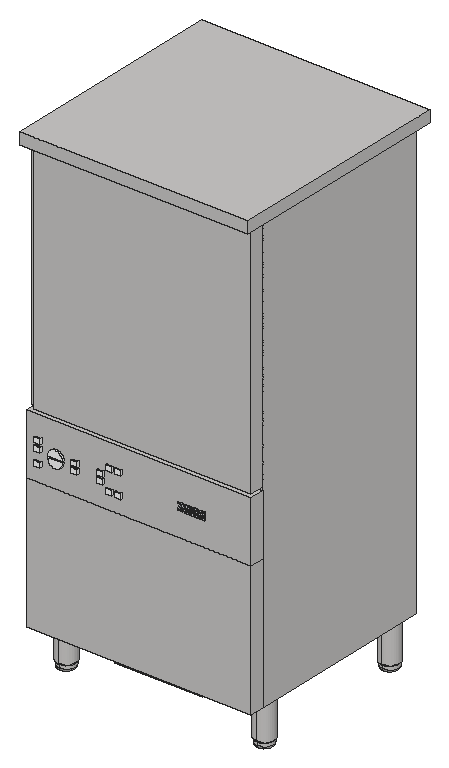
Revit family "QF_ELECTROLUXPROFESSIONAL_727895_RBF101", category Specialty Equipment, Revit 2018
Family settings
  Round Connector Dimension = Use Diameter
  Part Type = Normal
  Work Plane-Based = No
  Always vertical = Yes
  Cut with Voids When Loaded = No
  Shared = No
  Room Calculation Point = No
Parameters (values of type "Standard")
  Weight = 308.647 lbm
  Watts = 0 W
  Volts = 380 V
  URL Manufacturer = "http://professional.electrolux.com"
  URL = "http://professional.electrolux.com"
  Steam Supply Size = 0"
  Steam Supply Minimum Pressure = 0.00 psi
  Steam Supply Maximum Pressure = 0.00 psi
  Steam Pounds per Hour = 0
  Show Clearance [instance] = yes
  Refrigeration Suction Line Size = 0 mm
  Refrigeration Liquid Line Size = 0 mm
  Refrigerant Compressor Remote = yes
  Phase = 3
  Model = "RBF101"
  Manufacturer = "Electrolux Professional"
  Length Actual = 760 mm  # constant formula
  Item Number = "727895"
  Hot Water Size = 0"
  Height Actual = 1640 mm  # constant formula
  HP = "3.9 HP"
  Gas Size = 0"
  Gas KW = 0
  Gas Input Pressure = 0.0 Btu/h
  Direct Waste Size = 0"
  Description = "BLAST CHILLER/FREEZER 32/28KG 10GN1/1-R452A"
  Depth Actual = 760 mm  # constant formula
  Cycle = 50 Hz
  Condensate Return Size = 0"
  Compressed Air Volume = 0 GPM
  Compressed Air Size = 0"
  Compressed Air Pressure = 0.00 psi
  Cold Water Size = 0"
  Accessory = yes
Reference planes
  plane 1 "BACK": y = 0
  plane 2: z = 0
  plane 3 "LEFT": x = 0
  plane 4 "RIGHT": x = 760
  plane 5 "FRONT": y = -760
  plane 6 "TOP": z = 1640
  plane 7 "Center Y": x = 380
  plane 8 "Center X": y = -380
  plane 9: x = 49
  plane 10: x = 711
  plane 11: z = 150
  plane 12: z = 86
  plane 13: y = -50
  plane 14: y = -760
  plane 15: y = -689
  plane 16: y = -435
  plane 17: y = -1450
Forms (mm)
  Extrusion 1, solid, material "QF_Metal - Stainless - Polished"
    sketch origin (0, 0, 0) x (1, 0, 0) y (0, 0, 1)
      loop
        line (6.35, 1600) -> (6.35, 150) -> (753.65, 150) -> (753.65, 1600) -> (6.35, 1600)
    from 50 to 689
  Revolve 2, solid, material "QF_Metal - Stainless - Polished"
    sketch origin (49, -14.833, 0) x (0, 1, 0) y (0, 0, 1)
      loop
        line (-650.954, 150) -> (-650.954, 145.008) -> (-645.28, 145.008) -> (-645.28, 21.074) -> (-641.767, 17.561) -> (-641.767, 6.021)
        arc (-641.767, 6.021) -> (-640.973, 2.655) -> (-638.757, 0) r 7.527
        line (-638.757, 0) -> (-613.167, 0) -> (-613.167, 150) -> (-650.954, 150)
      axis (-613.167, 0) -> (-613.167, 150)
    angle from 0 to 360
  Revolve 3, solid, material "QF_Metal - Stainless - Polished"
    sketch origin (49, -791.167, 0) x (0, -1, 0) y (0, 0, 1)
      loop
        line (-724.954, 150) -> (-724.954, 145.008) -> (-719.28, 145.008) -> (-719.28, 21.074) -> (-715.767, 17.561) -> (-715.767, 6.021)
        arc (-715.767, 6.021) -> (-714.973, 2.655) -> (-712.757, 0) r 7.527
        line (-712.757, 0) -> (-687.167, 0) -> (-687.167, 150) -> (-724.954, 150)
      axis (-687.167, 0) -> (-687.167, 150)
    angle from 0 to 360
  Extrusion 4, solid, material "QF_Metal - Stainless - Polished"
    sketch origin (1.039, 0, 0) x (1, 0, 0) y (0, 0, 1)
      loop
        line (200.815, 150) -> (200.815, 120.527) -> (558.815, 120.527) -> (558.815, 150) -> (552.415, 150) -> (552.415, 126.927) -> (207.215, 126.927) -> (207.215, 150) -> (200.815, 150)
    from 218.729 to 655.055
  Extrusion 5, solid, material "QF_Metal - Stainless - Polished"
    sketch origin (1.039, 0, 0) x (1, 0, 0) y (0, 0, 1)
      loop
        line (238.429, 120.527) -> (232.029, 120.527) -> (232.029, 86) -> (524.894, 86) -> (524.894, 120.527) -> (518.494, 120.527) -> (518.494, 95.527) -> (238.429, 95.527) -> (238.429, 120.527)
    from 333.038 to 655.055
  Extrusion 6, solid, material "QF_Metal - Stainless - Polished"
    sketch origin (0, -130, 0) x (1, 0, 0) y (0, 1, 0)
      loop
        circle (380, -305) r 20
    from 138.473 to 150
  Revolve 7, solid, material "QF_Metal - Stainless - Polished"
    sketch origin (711, -14.833, 0) x (0, 1, 0) y (0, 0, -1)
      loop
        line (-650.954, -150) -> (-613.167, -150) -> (-613.167, 0) -> (-638.757, 0)
        arc (-638.757, 0) -> (-640.973, -2.655) -> (-641.767, -6.021) r 7.527
        line (-641.767, -6.021) -> (-641.767, -17.561) -> (-645.28, -21.074) -> (-645.28, -145.008) -> (-650.954, -145.008) -> (-650.954, -150)
      axis (-613.167, 0) -> (-613.167, -150)
    angle from 0 to 360
  Revolve 8, solid, material "QF_Metal - Stainless - Polished"
    sketch origin (711, -791.167, 0) x (0, -1, 0) y (0, 0, 1)
      loop
        line (-724.954, 150) -> (-724.954, 145.008) -> (-719.28, 145.008) -> (-719.28, 21.074) -> (-715.767, 17.561) -> (-715.767, 6.021)
        arc (-715.767, 6.021) -> (-714.973, 2.655) -> (-712.757, 0) r 7.527
        line (-712.757, 0) -> (-687.167, 0) -> (-687.167, 150) -> (-724.954, 150)
      axis (-687.167, 0) -> (-687.167, 150)
    angle from 0 to 360
  Extrusion 9, solid, material "QF_Metal - Stainless - Polished"
    sketch origin (0, -50, -1260) x (1, 0, 0) y (0, 0, 1)
      loop
        circle (380, 1447.083) r 20
    from -7.507 to 0
  Extrusion 10, solid, material "QF_Door-Drawer Clearances", visible <- "Show Clearance", detail levels coarse
    sketch origin (0, 0, 0) x (1, 0, 0) y (0, 1, 0)
      loop
        line (753.65, -739) -> (6.35, -739)
        arc (6.35, -739) -> (231.171, -1250.927) -> (753.65, -1450) r 723.927
        line (753.65, -1450) -> (753.65, -739)
    from 810.198 to 1600
  Extrusion 11, solid, material "QF_Metal - Stainless - Polished"
    sketch origin (0, 0, 1600) x (1, 0, 0) y (0, 1, 0)
      loop
        line (0, 0) -> (0, -760) -> (760, -760) -> (760, 0) -> (0, 0)
    from 0 to 40
  Extrusion 12, solid, material "QF_Metal - Stainless - Polished"
    sketch origin (0, 0, 0) x (1, 0, 0) y (0, 1, 0)
      loop
        line (753.65, -689) -> (5.35, -689) -> (5.35, -714)
        arc (5.35, -714) -> (12.85, -721.5) -> (20.35, -714) r 7.5
        line (20.35, -714) -> (20.35, -712.023)
        arc (20.35, -712.023) -> (22.7, -706.35) -> (28.373, -704) r 8.023
        line (28.373, -704) -> (49, -704)
        arc (49, -704) -> (57.125, -712.125) -> (49, -720.25) r 8.125
        line (49, -720.25) -> (42.056, -720.25)
        arc (42.056, -720.25) -> (32.824, -724.074) -> (29, -733.306) r 13.056
        line (29, -733.306) -> (29, -739) -> (753.65, -739) -> (753.65, -689)
    from 810.198 to 1600
  Extrusion 13, solid, material "QF_Metal - Stainless - Polished"
    sketch origin (0, 74.472, -170.772) x (1, 0, 0) y (0, 0, 1)
      loop
        line (6.35, 970) -> (6.35, 766.772) -> (753.65, 766.772) -> (753.65, 970) -> (6.35, 970)
    from 763.472 to 813.472
  Extrusion 14, solid, material "QF_Plastic - White - Smooth"
    sketch origin (-40, -739, 114.139) x (1, 0, 0) y (0, 0, 1)
      loop
        line (74.078, 617.851) -> (74.078, 601.601) -> (94.078, 601.601) -> (94.078, 617.851) -> (74.078, 617.851)
      loop
        line (74.078, 547.851) -> (74.078, 531.601) -> (94.078, 531.601) -> (94.078, 547.851) -> (74.078, 547.851)
      loop
        line (74.078, 592.851) -> (74.078, 576.601) -> (94.078, 576.601) -> (94.078, 592.851) -> (74.078, 592.851)
      loop
        line (119.078, 576.601) -> (169.078, 576.601)
        arc (169.078, 576.601) -> (144.078, 601.601) -> (119.078, 576.601) r 25
      loop
        arc (119.078, 571.601) -> (144.078, 546.601) -> (169.078, 571.601) r 25
        line (169.078, 571.601) -> (119.078, 571.601)
      loop
        line (197.715, 592.851) -> (197.715, 576.601) -> (217.715, 576.601) -> (217.715, 592.851) -> (197.715, 592.851)
      loop
        line (197.715, 570.081) -> (197.715, 553.831) -> (217.715, 553.831) -> (217.715, 570.081) -> (197.715, 570.081)
      loop
        line (282.715, 592.851) -> (282.715, 576.601) -> (302.715, 576.601) -> (302.715, 592.851) -> (282.715, 592.851)
      loop
        line (282.715, 570.081) -> (282.715, 553.831) -> (302.715, 553.831) -> (302.715, 570.081) -> (282.715, 570.081)
      loop
        line (313.587, 617.851) -> (313.587, 601.601) -> (333.587, 601.601) -> (333.587, 617.851) -> (313.587, 617.851)
      loop
        line (343.587, 617.851) -> (343.587, 601.601) -> (363.587, 601.601) -> (363.587, 617.851) -> (343.587, 617.851)
      loop
        line (313.587, 547.851) -> (313.587, 531.601) -> (333.587, 531.601) -> (333.587, 547.851) -> (313.587, 547.851)
      loop
        line (343.587, 547.851) -> (343.587, 531.601) -> (363.587, 531.601) -> (363.587, 547.851) -> (343.587, 547.851)
    from 0 to 4.861
  Extrusion 15, solid, material "QF_Metal - Stainless - Polished"
    sketch origin (0, 74.472, -363.03) x (1, 0, 0) y (0, 0, 1)
      loop
        line (6.35, 959.03) -> (6.35, 513.03) -> (753.65, 513.03) -> (753.65, 959.03) -> (6.35, 959.03)
    from 763.472 to 813.472
Lines and regions (mm)
  Split face 1
    outline origin (0, -739, -170.772) x (1, 0, 0) y (0, 0, 1)
      loop
        line (33.078, 905.06) -> (33.078, 814.512) -> (326.587, 814.512) -> (326.587, 905.06) -> (33.078, 905.06)
  Split face 2
    outline origin (-9.159, -739, -363.03) x (1, 0, 0) y (0, 0, 1)
      loop
        line (129.159, 912.765) -> (129.159, 897.765) -> (209.159, 897.765) -> (209.159, 912.765) -> (129.159, 912.765)
  Split face 3
    outline origin (-9.159, -739, -383.03) x (1, 0, 0) y (0, 0, 1)
      loop
        line (129.159, 912.765) -> (129.159, 897.765) -> (209.159, 897.765) -> (209.159, 912.765) -> (129.159, 912.765)
  Split face 4
    outline origin (-9.159, -739, -403.03) x (1, 0, 0) y (0, 0, 1)
      loop
        line (129.159, 912.765) -> (129.159, 897.765) -> (209.159, 897.765) -> (209.159, 912.765) -> (129.159, 912.765)
  Split face 5
    outline origin (-9.159, -739, -438.03) x (1, 0, 0) y (0, 0, 1)
      loop
        line (129.159, 912.765) -> (129.159, 897.765) -> (209.159, 897.765) -> (209.159, 912.765) -> (129.159, 912.765)
  Split face 6
    outline origin (-9.159, -739, -458.03) x (1, 0, 0) y (0, 0, 1)
      loop
        line (129.159, 912.765) -> (129.159, 897.765) -> (209.159, 897.765) -> (209.159, 912.765) -> (129.159, 912.765)
  Split face 7
    outline origin (-9.159, -739, -478.03) x (1, 0, 0) y (0, 0, 1)
      loop
        line (129.159, 912.765) -> (129.159, 897.765) -> (209.159, 897.765) -> (209.159, 912.765) -> (129.159, 912.765)
  Split face 8
    outline origin (-9.159, -739, -513.03) x (1, 0, 0) y (0, 0, 1)
      loop
        line (129.159, 912.765) -> (129.159, 897.765) -> (209.159, 897.765) -> (209.159, 912.765) -> (129.159, 912.765)
  Split face 9
    outline origin (-9.159, -739, -533.03) x (1, 0, 0) y (0, 0, 1)
      loop
        line (129.159, 912.765) -> (129.159, 897.765) -> (209.159, 897.765) -> (209.159, 912.765) -> (129.159, 912.765)
  Split face 10
    outline origin (-9.159, -739, -553.03) x (1, 0, 0) y (0, 0, 1)
      loop
        line (129.159, 912.765) -> (129.159, 897.765) -> (209.159, 897.765) -> (209.159, 912.765) -> (129.159, 912.765)
  Split face 11
    outline origin (-9.159, -739, -588.03) x (1, 0, 0) y (0, 0, 1)
      loop
        line (129.159, 912.765) -> (129.159, 897.765) -> (209.159, 897.765) -> (209.159, 912.765) -> (129.159, 912.765)
  Split face 12
    outline origin (-9.159, -739, -608.03) x (1, 0, 0) y (0, 0, 1)
      loop
        line (129.159, 912.765) -> (129.159, 897.765) -> (209.159, 897.765) -> (209.159, 912.765) -> (129.159, 912.765)
  Split face 13
    outline origin (-9.159, -739, -628.03) x (1, 0, 0) y (0, 0, 1)
      loop
        line (129.159, 912.765) -> (129.159, 897.765) -> (209.159, 897.765) -> (209.159, 912.765) -> (129.159, 912.765)
  Split face 14
    outline origin (-9.159, -739, -663.03) x (1, 0, 0) y (0, 0, 1)
      loop
        line (129.159, 912.765) -> (129.159, 897.765) -> (209.159, 897.765) -> (209.159, 912.765) -> (129.159, 912.765)
  Split face 15
    outline origin (-9.159, -739, -683.03) x (1, 0, 0) y (0, 0, 1)
      loop
        line (129.159, 912.765) -> (129.159, 897.765) -> (209.159, 897.765) -> (209.159, 912.765) -> (129.159, 912.765)
  Split face 16
    outline origin (-9.159, -739, -703.03) x (1, 0, 0) y (0, 0, 1)
      loop
        line (129.159, 912.765) -> (129.159, 897.765) -> (209.159, 897.765) -> (209.159, 912.765) -> (129.159, 912.765)
  Split face 17
    outline origin (100.841, -739, -363.03) x (1, 0, 0) y (0, 0, 1)
      loop
        line (129.159, 912.765) -> (129.159, 897.765) -> (209.159, 897.765) -> (209.159, 912.765) -> (129.159, 912.765)
  Split face 18
    outline origin (100.841, -739, -383.03) x (1, 0, 0) y (0, 0, 1)
      loop
        line (129.159, 912.765) -> (129.159, 897.765) -> (209.159, 897.765) -> (209.159, 912.765) -> (129.159, 912.765)
  Split face 19
    outline origin (100.841, -739, -403.03) x (1, 0, 0) y (0, 0, 1)
      loop
        line (129.159, 912.765) -> (129.159, 897.765) -> (209.159, 897.765) -> (209.159, 912.765) -> (129.159, 912.765)
  Split face 20
    outline origin (100.841, -739, -438.03) x (1, 0, 0) y (0, 0, 1)
      loop
        line (129.159, 912.765) -> (129.159, 897.765) -> (209.159, 897.765) -> (209.159, 912.765) -> (129.159, 912.765)
  Split face 21
    outline origin (100.841, -739, -458.03) x (1, 0, 0) y (0, 0, 1)
      loop
        line (129.159, 912.765) -> (129.159, 897.765) -> (209.159, 897.765) -> (209.159, 912.765) -> (129.159, 912.765)
  Split face 22
    outline origin (100.841, -739, -478.03) x (1, 0, 0) y (0, 0, 1)
      loop
        line (129.159, 912.765) -> (129.159, 897.765) -> (209.159, 897.765) -> (209.159, 912.765) -> (129.159, 912.765)
  Split face 23
    outline origin (100.841, -739, -513.03) x (1, 0, 0) y (0, 0, 1)
      loop
        line (129.159, 912.765) -> (129.159, 897.765) -> (209.159, 897.765) -> (209.159, 912.765) -> (129.159, 912.765)
  Split face 24
    outline origin (100.841, -739, -533.03) x (1, 0, 0) y (0, 0, 1)
      loop
        line (129.159, 912.765) -> (129.159, 897.765) -> (209.159, 897.765) -> (209.159, 912.765) -> (129.159, 912.765)
  Split face 25
    outline origin (100.841, -739, -553.03) x (1, 0, 0) y (0, 0, 1)
      loop
        line (129.159, 912.765) -> (129.159, 897.765) -> (209.159, 897.765) -> (209.159, 912.765) -> (129.159, 912.765)
  Split face 26
    outline origin (100.841, -739, -588.03) x (1, 0, 0) y (0, 0, 1)
      loop
        line (129.159, 912.765) -> (129.159, 897.765) -> (209.159, 897.765) -> (209.159, 912.765) -> (129.159, 912.765)
  Split face 27
    outline origin (100.841, -739, -608.03) x (1, 0, 0) y (0, 0, 1)
      loop
        line (129.159, 912.765) -> (129.159, 897.765) -> (209.159, 897.765) -> (209.159, 912.765) -> (129.159, 912.765)
  Split face 28
    outline origin (100.841, -739, -628.03) x (1, 0, 0) y (0, 0, 1)
      loop
        line (129.159, 912.765) -> (129.159, 897.765) -> (209.159, 897.765) -> (209.159, 912.765) -> (129.159, 912.765)
  Split face 29
    outline origin (100.841, -739, -663.03) x (1, 0, 0) y (0, 0, 1)
      loop
        line (129.159, 912.765) -> (129.159, 897.765) -> (209.159, 897.765) -> (209.159, 912.765) -> (129.159, 912.765)
  Split face 30
    outline origin (100.841, -739, -683.03) x (1, 0, 0) y (0, 0, 1)
      loop
        line (129.159, 912.765) -> (129.159, 897.765) -> (209.159, 897.765) -> (209.159, 912.765) -> (129.159, 912.765)
  Split face 31
    outline origin (100.841, -739, -703.03) x (1, 0, 0) y (0, 0, 1)
      loop
        line (129.159, 912.765) -> (129.159, 897.765) -> (209.159, 897.765) -> (209.159, 912.765) -> (129.159, 912.765)
  Split face 32
    outline origin (210.841, -739, -363.03) x (1, 0, 0) y (0, 0, 1)
      loop
        line (129.159, 912.765) -> (129.159, 897.765) -> (209.159, 897.765) -> (209.159, 912.765) -> (129.159, 912.765)
  Split face 33
    outline origin (210.841, -739, -383.03) x (1, 0, 0) y (0, 0, 1)
      loop
        line (129.159, 912.765) -> (129.159, 897.765) -> (209.159, 897.765) -> (209.159, 912.765) -> (129.159, 912.765)
  Split face 34
    outline origin (210.841, -739, -403.03) x (1, 0, 0) y (0, 0, 1)
      loop
        line (129.159, 912.765) -> (129.159, 897.765) -> (209.159, 897.765) -> (209.159, 912.765) -> (129.159, 912.765)
  Split face 35
    outline origin (210.841, -739, -438.03) x (1, 0, 0) y (0, 0, 1)
      loop
        line (129.159, 912.765) -> (129.159, 897.765) -> (209.159, 897.765) -> (209.159, 912.765) -> (129.159, 912.765)
  Split face 36
    outline origin (210.841, -739, -458.03) x (1, 0, 0) y (0, 0, 1)
      loop
        line (129.159, 912.765) -> (129.159, 897.765) -> (209.159, 897.765) -> (209.159, 912.765) -> (129.159, 912.765)
  Split face 37
    outline origin (210.841, -739, -478.03) x (1, 0, 0) y (0, 0, 1)
      loop
        line (129.159, 912.765) -> (129.159, 897.765) -> (209.159, 897.765) -> (209.159, 912.765) -> (129.159, 912.765)
  Split face 38
    outline origin (210.841, -739, -513.03) x (1, 0, 0) y (0, 0, 1)
      loop
        line (129.159, 912.765) -> (129.159, 897.765) -> (209.159, 897.765) -> (209.159, 912.765) -> (129.159, 912.765)
  Split face 39
    outline origin (210.841, -739, -533.03) x (1, 0, 0) y (0, 0, 1)
      loop
        line (129.159, 912.765) -> (129.159, 897.765) -> (209.159, 897.765) -> (209.159, 912.765) -> (129.159, 912.765)
  Split face 40
    outline origin (210.841, -739, -553.03) x (1, 0, 0) y (0, 0, 1)
      loop
        line (129.159, 912.765) -> (129.159, 897.765) -> (209.159, 897.765) -> (209.159, 912.765) -> (129.159, 912.765)
  Split face 41
    outline origin (210.841, -739, -588.03) x (1, 0, 0) y (0, 0, 1)
      loop
        line (129.159, 912.765) -> (129.159, 897.765) -> (209.159, 897.765) -> (209.159, 912.765) -> (129.159, 912.765)
  Split face 42
    outline origin (210.841, -739, -608.03) x (1, 0, 0) y (0, 0, 1)
      loop
        line (129.159, 912.765) -> (129.159, 897.765) -> (209.159, 897.765) -> (209.159, 912.765) -> (129.159, 912.765)
  Split face 43
    outline origin (210.841, -739, -628.03) x (1, 0, 0) y (0, 0, 1)
      loop
        line (129.159, 912.765) -> (129.159, 897.765) -> (209.159, 897.765) -> (209.159, 912.765) -> (129.159, 912.765)
  Split face 44
    outline origin (210.841, -739, -663.03) x (1, 0, 0) y (0, 0, 1)
      loop
        line (129.159, 912.765) -> (129.159, 897.765) -> (209.159, 897.765) -> (209.159, 912.765) -> (129.159, 912.765)
  Split face 45
    outline origin (210.841, -739, -683.03) x (1, 0, 0) y (0, 0, 1)
      loop
        line (129.159, 912.765) -> (129.159, 897.765) -> (209.159, 897.765) -> (209.159, 912.765) -> (129.159, 912.765)
  Split face 46
    outline origin (210.841, -739, -703.03) x (1, 0, 0) y (0, 0, 1)
      loop
        line (129.159, 912.765) -> (129.159, 897.765) -> (209.159, 897.765) -> (209.159, 912.765) -> (129.159, 912.765)
  Split face 47
    outline origin (320.841, -739, -363.03) x (1, 0, 0) y (0, 0, 1)
      loop
        line (129.159, 912.765) -> (129.159, 897.765) -> (209.159, 897.765) -> (209.159, 912.765) -> (129.159, 912.765)
  Split face 48
    outline origin (320.841, -739, -383.03) x (1, 0, 0) y (0, 0, 1)
      loop
        line (129.159, 912.765) -> (129.159, 897.765) -> (209.159, 897.765) -> (209.159, 912.765) -> (129.159, 912.765)
  Split face 49
    outline origin (320.841, -739, -403.03) x (1, 0, 0) y (0, 0, 1)
      loop
        line (129.159, 912.765) -> (129.159, 897.765) -> (209.159, 897.765) -> (209.159, 912.765) -> (129.159, 912.765)
  Split face 50
    outline origin (320.841, -739, -438.03) x (1, 0, 0) y (0, 0, 1)
      loop
        line (129.159, 912.765) -> (129.159, 897.765) -> (209.159, 897.765) -> (209.159, 912.765) -> (129.159, 912.765)
  Split face 51
    outline origin (320.841, -739, -458.03) x (1, 0, 0) y (0, 0, 1)
      loop
        line (129.159, 912.765) -> (129.159, 897.765) -> (209.159, 897.765) -> (209.159, 912.765) -> (129.159, 912.765)
  Split face 52
    outline origin (320.841, -739, -478.03) x (1, 0, 0) y (0, 0, 1)
      loop
        line (129.159, 912.765) -> (129.159, 897.765) -> (209.159, 897.765) -> (209.159, 912.765) -> (129.159, 912.765)
  Split face 53
    outline origin (320.841, -739, -513.03) x (1, 0, 0) y (0, 0, 1)
      loop
        line (129.159, 912.765) -> (129.159, 897.765) -> (209.159, 897.765) -> (209.159, 912.765) -> (129.159, 912.765)
  Split face 54
    outline origin (320.841, -739, -533.03) x (1, 0, 0) y (0, 0, 1)
      loop
        line (129.159, 912.765) -> (129.159, 897.765) -> (209.159, 897.765) -> (209.159, 912.765) -> (129.159, 912.765)
  Split face 55
    outline origin (320.841, -739, -553.03) x (1, 0, 0) y (0, 0, 1)
      loop
        line (129.159, 912.765) -> (129.159, 897.765) -> (209.159, 897.765) -> (209.159, 912.765) -> (129.159, 912.765)
  Split face 56
    outline origin (320.841, -739, -588.03) x (1, 0, 0) y (0, 0, 1)
      loop
        line (129.159, 912.765) -> (129.159, 897.765) -> (209.159, 897.765) -> (209.159, 912.765) -> (129.159, 912.765)
  Split face 57
    outline origin (320.841, -739, -608.03) x (1, 0, 0) y (0, 0, 1)
      loop
        line (129.159, 912.765) -> (129.159, 897.765) -> (209.159, 897.765) -> (209.159, 912.765) -> (129.159, 912.765)
  Split face 58
    outline origin (320.841, -739, -628.03) x (1, 0, 0) y (0, 0, 1)
      loop
        line (129.159, 912.765) -> (129.159, 897.765) -> (209.159, 897.765) -> (209.159, 912.765) -> (129.159, 912.765)
  Split face 59
    outline origin (320.841, -739, -663.03) x (1, 0, 0) y (0, 0, 1)
      loop
        line (129.159, 912.765) -> (129.159, 897.765) -> (209.159, 897.765) -> (209.159, 912.765) -> (129.159, 912.765)
  Split face 60
    outline origin (320.841, -739, -683.03) x (1, 0, 0) y (0, 0, 1)
      loop
        line (129.159, 912.765) -> (129.159, 897.765) -> (209.159, 897.765) -> (209.159, 912.765) -> (129.159, 912.765)
  Split face 61
    outline origin (320.841, -739, -703.03) x (1, 0, 0) y (0, 0, 1)
      loop
        line (129.159, 912.765) -> (129.159, 897.765) -> (209.159, 897.765) -> (209.159, 912.765) -> (129.159, 912.765)
  Split face 62
    outline origin (430.841, -739, -363.03) x (1, 0, 0) y (0, 0, 1)
      loop
        line (129.159, 912.765) -> (129.159, 897.765) -> (209.159, 897.765) -> (209.159, 912.765) -> (129.159, 912.765)
  Split face 63
    outline origin (430.841, -739, -383.03) x (1, 0, 0) y (0, 0, 1)
      loop
        line (129.159, 912.765) -> (129.159, 897.765) -> (209.159, 897.765) -> (209.159, 912.765) -> (129.159, 912.765)
  Split face 64
    outline origin (430.841, -739, -403.03) x (1, 0, 0) y (0, 0, 1)
      loop
        line (129.159, 912.765) -> (129.159, 897.765) -> (209.159, 897.765) -> (209.159, 912.765) -> (129.159, 912.765)
  Split face 65
    outline origin (430.841, -739, -438.03) x (1, 0, 0) y (0, 0, 1)
      loop
        line (129.159, 912.765) -> (129.159, 897.765) -> (209.159, 897.765) -> (209.159, 912.765) -> (129.159, 912.765)
  Split face 66
    outline origin (430.841, -739, -458.03) x (1, 0, 0) y (0, 0, 1)
      loop
        line (129.159, 912.765) -> (129.159, 897.765) -> (209.159, 897.765) -> (209.159, 912.765) -> (129.159, 912.765)
  Split face 67
    outline origin (430.841, -739, -478.03) x (1, 0, 0) y (0, 0, 1)
      loop
        line (129.159, 912.765) -> (129.159, 897.765) -> (209.159, 897.765) -> (209.159, 912.765) -> (129.159, 912.765)
  Split face 68
    outline origin (430.841, -739, -513.03) x (1, 0, 0) y (0, 0, 1)
      loop
        line (129.159, 912.765) -> (129.159, 897.765) -> (209.159, 897.765) -> (209.159, 912.765) -> (129.159, 912.765)
  Split face 69
    outline origin (430.841, -739, -533.03) x (1, 0, 0) y (0, 0, 1)
      loop
        line (129.159, 912.765) -> (129.159, 897.765) -> (209.159, 897.765) -> (209.159, 912.765) -> (129.159, 912.765)
  Split face 70
    outline origin (430.841, -739, -553.03) x (1, 0, 0) y (0, 0, 1)
      loop
        line (129.159, 912.765) -> (129.159, 897.765) -> (209.159, 897.765) -> (209.159, 912.765) -> (129.159, 912.765)
  Split face 71
    outline origin (430.841, -739, -588.03) x (1, 0, 0) y (0, 0, 1)
      loop
        line (129.159, 912.765) -> (129.159, 897.765) -> (209.159, 897.765) -> (209.159, 912.765) -> (129.159, 912.765)
  Split face 72
    outline origin (430.841, -739, -608.03) x (1, 0, 0) y (0, 0, 1)
      loop
        line (129.159, 912.765) -> (129.159, 897.765) -> (209.159, 897.765) -> (209.159, 912.765) -> (129.159, 912.765)
  Split face 73
    outline origin (430.841, -739, -628.03) x (1, 0, 0) y (0, 0, 1)
      loop
        line (129.159, 912.765) -> (129.159, 897.765) -> (209.159, 897.765) -> (209.159, 912.765) -> (129.159, 912.765)
  Split face 74
    outline origin (430.841, -739, -663.03) x (1, 0, 0) y (0, 0, 1)
      loop
        line (129.159, 912.765) -> (129.159, 897.765) -> (209.159, 897.765) -> (209.159, 912.765) -> (129.159, 912.765)
  Split face 75
    outline origin (430.841, -739, -683.03) x (1, 0, 0) y (0, 0, 1)
      loop
        line (129.159, 912.765) -> (129.159, 897.765) -> (209.159, 897.765) -> (209.159, 912.765) -> (129.159, 912.765)
  Split face 76
    outline origin (430.841, -739, -703.03) x (1, 0, 0) y (0, 0, 1)
      loop
        line (129.159, 912.765) -> (129.159, 897.765) -> (209.159, 897.765) -> (209.159, 912.765) -> (129.159, 912.765)
  symbolic lines
    curve 1: line (0, 0, 0) -> (0, -760, 0)
    curve 2: line (760, 0, 0) -> (0, 0, 0)
    curve 3: line (760, -760, 0) -> (760, 0, 0)
    curve 4: line (0, -760, 0) -> (760, -760, 0)
  symbolic lines, style "QF_Door-Drawer Clearances"
    curve 5: line (753.65, -760, 0) -> (753.65, -1450.558, 0)
    curve 6: arc (8.021, -760, 0) -> (239.3, -1258.101, 0) -> (753.65, -1450.558, 0) r 723.961
Dimensions and locks
  equal spacing: plane 3 "LEFT", plane 7 "Center Y", plane 4 "RIGHT"
  plane 3 "LEFT" to plane 4 "RIGHT" = 760 mm
  equal spacing: plane 5 "FRONT", plane 8 "Center X", plane 1 "BACK"
  plane 5 "FRONT" to plane 1 "BACK" = 760 mm
  plane 6 "TOP" to level = 1640 mm
  plane 9 to plane 3 "LEFT" = 49 mm
  plane 10 to plane 4 "RIGHT" = 49 mm
  plane 10 to plane 9 = 662 mm
  plane 11 to level = 150 mm
  plane 12 to plane 11 = 64 mm
  plane 1 "BACK" to plane 13 = 50 mm
  plane 13 to plane 15 = 639 mm
  plane 16 to plane 1 "BACK" = 435 mm
  plane 17 to plane 1 "BACK" = 1450 mm
  plane 3 "LEFT" to Extrusion 10 = 753.65 mm
  aligned and locked: level to plane 2
Automatic sketch dimensions
  Extrusion 1 sketch curve to plane 11 = 0 mm
  plane 3 "LEFT" to Extrusion 1 sketch curve = 6.35 mm
  plane 4 "RIGHT" to Extrusion 1 sketch curve = 6.35 mm
  Extrusion 1 sketch curve to plane 6 "TOP" = 40 mm
  Revolve 2 sketch curve to plane 11 = 0 mm
  Revolve 2 sketch curve to level = 0 mm
  Revolve 2 sketch curve to plane 15 = 23.213 mm
  Revolve 2 sketch curve to Revolve 2 sketch curve = 5.674 mm
  Revolve 2 sketch curve to Revolve 2 sketch curve = 3.513 mm  (x2)
  Revolve 2 sketch curve to Revolve 2 sketch curve = 3.01 mm
  level to Revolve 2 sketch curve = 6.021 mm
  Revolve 2 sketch curve to Revolve 2 sketch curve = 21.073 mm
  Revolve 2 sketch curve to Revolve 2 sketch curve = 11.54 mm
  Revolve 2 sketch curve to plane 11 = 4.992 mm
  Revolve 2 sketch curve to Revolve 2 sketch curve = 0 mm
  Revolve 2 sketch curve to Revolve 2 sketch curve = 4.992 mm
  plane 11 to Revolve 2 sketch curve = 20.008 mm
  Revolve 3 sketch curve to plane 11 = 0 mm
  Revolve 3 sketch curve to level = 0 mm
  Revolve 3 sketch curve to plane 13 = 16.213 mm
  Revolve 3 sketch curve to Revolve 3 sketch curve = 5.674 mm
  Revolve 3 sketch curve to Revolve 3 sketch curve = 3.513 mm  (x2)
  Revolve 3 sketch curve to Revolve 3 sketch curve = 3.01 mm
  Revolve 3 sketch curve to level = 6.021 mm
  Revolve 3 sketch curve to Revolve 3 sketch curve = 21.073 mm
  Revolve 3 sketch curve to Revolve 3 sketch curve = 11.54 mm
  plane 11 to Revolve 3 sketch curve = 4.992 mm
  Revolve 3 sketch curve to Revolve 3 sketch curve = 0 mm
  Revolve 3 sketch curve to Revolve 3 sketch curve = 4.992 mm
  Revolve 3 sketch curve to plane 11 = 20.008 mm
  Extrusion 4 sketch curve to plane 11 = 0 mm  (x2)
  plane 9 to Extrusion 4 sketch curve = 152.853 mm
  Extrusion 4 sketch curve to Extrusion 4 sketch curve = 6.4 mm  (x3)
  plane 10 to Extrusion 4 sketch curve = 157.547 mm
  Extrusion 4 sketch curve to Extrusion 4 sketch curve = 23.073 mm
  Extrusion 5 sketch curve to plane 12 = 0 mm
  Extrusion 5 sketch curve to plane 11 = 29.473 mm
  Extrusion 5 sketch curve to plane 7 "Center Y" = 146.932 mm
  Extrusion 5 sketch curve to Extrusion 5 sketch curve = 6.4 mm  (x2)
  Extrusion 5 sketch curve to plane 12 = 9.527 mm
  plane 7 "Center Y" to Extrusion 5 sketch curve = 139.532 mm
  Extrusion 5 sketch curve to Extrusion 5 sketch curve = 25 mm
  Extrusion 6 sketch curve to plane 7 "Center Y" = 0 mm
  Extrusion 6 sketch curve to plane 16 = 0 mm
  plane 11 to Revolve 7 sketch curve = 0 mm
  Revolve 7 sketch curve to level = 0 mm
  Revolve 7 sketch curve to plane 15 = 23.213 mm
  Revolve 7 sketch curve to Revolve 7 sketch curve = 5.674 mm
  Revolve 7 sketch curve to Revolve 7 sketch curve = 3.513 mm  (x2)
  Revolve 7 sketch curve to Revolve 7 sketch curve = 3.01 mm
  level to Revolve 7 sketch curve = 6.021 mm
  Revolve 7 sketch curve to Revolve 7 sketch curve = 21.073 mm
  Revolve 7 sketch curve to plane 11 = 4.992 mm
  Revolve 7 sketch curve to Revolve 7 sketch curve = 15.053 mm
  Revolve 7 sketch curve to Revolve 7 sketch curve = 0 mm
  plane 11 to Revolve 7 sketch curve = 20.008 mm
  Revolve 7 sketch curve to Revolve 7 sketch curve = 4.992 mm
  Revolve 8 sketch curve to plane 11 = 0 mm
  Revolve 8 sketch curve to level = 0 mm
  plane 13 to Revolve 8 sketch curve = 16.213 mm
  Revolve 8 sketch curve to Revolve 8 sketch curve = 5.674 mm
  Revolve 8 sketch curve to Revolve 8 sketch curve = 3.513 mm  (x2)
  Revolve 8 sketch curve to Revolve 8 sketch curve = 3.01 mm
  level to Revolve 8 sketch curve = 6.021 mm
  Revolve 8 sketch curve to Revolve 8 sketch curve = 21.073 mm
  Revolve 8 sketch curve to Revolve 8 sketch curve = 11.54 mm
  Revolve 8 sketch curve to plane 11 = 4.992 mm  (x2)
  Revolve 8 sketch curve to Revolve 8 sketch curve = 0 mm
  Revolve 8 sketch curve to Revolve 8 sketch curve = 20.008 mm
  Extrusion 9 sketch curve to plane 7 "Center Y" = 0 mm
  Extrusion 9 sketch curve to plane 6 "TOP" = 1452.917 mm
  Extrusion 10 sketch curve to plane 17 = 0 mm
  plane 3 "LEFT" to Extrusion 10 sketch curve = 6.35 mm
  Extrusion 10 sketch curve to plane 10 = 19.168 mm
  plane 4 "RIGHT" to Extrusion 10 sketch curve = 6.35 mm
  Extrusion 10 sketch curve to plane 5 "FRONT" = 21 mm
  Extrusion 11 sketch curve to plane 3 "LEFT" = 0 mm
  Extrusion 11 sketch curve to plane 4 "RIGHT" = 0 mm
  plane 5 "FRONT" to Extrusion 11 sketch curve = 0 mm
  plane 1 "BACK" to Extrusion 11 sketch curve = 0 mm
  plane 15 to Extrusion 12 sketch curve = 0 mm
  Extrusion 12 sketch curve to plane 9 = 0 mm
  Extrusion 12 sketch curve to plane 9 = 6.944 mm
  Extrusion 12 sketch curve to Extrusion 12 sketch curve = 13.056 mm
  Extrusion 12 sketch curve to Extrusion 12 sketch curve = 13.683 mm
  Extrusion 12 sketch curve to Extrusion 12 sketch curve = 8.023 mm
  Extrusion 12 sketch curve to Extrusion 12 sketch curve = 7.5 mm
  plane 4 "RIGHT" to Extrusion 12 sketch curve = 6.35 mm
  plane 15 to Extrusion 12 sketch curve = 15 mm
  Extrusion 12 sketch curve to Extrusion 12 sketch curve = 8.125 mm
  Extrusion 12 sketch curve to Extrusion 12 sketch curve = 1.977 mm
  Extrusion 12 sketch curve to Extrusion 12 sketch curve = 5.694 mm
  plane 3 "LEFT" to Extrusion 13 sketch curve = 6.35 mm
  plane 4 "RIGHT" to Extrusion 13 sketch curve = 6.35 mm
  plane 11 to Extrusion 13 sketch curve = 446 mm
  Extrusion 13 sketch curve to Extrusion 13 sketch curve = 203.228 mm
  Split face 1 sketch curve to Extrusion 13 = 26.728 mm
  Split face 1 sketch curve to Extrusion 13 = 47.74 mm
  Split face 1 sketch curve to Split face 1 sketch curve = 293.509 mm
  Split face 1 sketch curve to Extrusion 13 = 64.94 mm
  Extrusion 14 sketch curve to plane 9 = 14.922 mm  (x2)
  Extrusion 14 sketch curve to Extrusion 14 sketch curve = 0 mm  (x12)
  plane 9 to Extrusion 14 sketch curve = 5.078 mm  (x3)
  Extrusion 14 sketch curve to Extrusion 14 sketch curve = 25 mm  (x2)
  Extrusion 14 sketch curve to Extrusion 14 sketch curve = 28.636 mm
  Extrusion 14 sketch curve to Extrusion 14 sketch curve = 20 mm  (x7)
  Extrusion 14 sketch curve to Extrusion 14 sketch curve = 65 mm
  Extrusion 14 sketch curve to Extrusion 14 sketch curve = 10.872 mm  (x2)
  Extrusion 14 sketch curve to Extrusion 14 sketch curve = 10 mm  (x2)
  plane 11 to Extrusion 14 sketch curve = 495.74 mm
  Extrusion 14 sketch curve to Extrusion 14 sketch curve = 16.25 mm  (x9)
  Extrusion 14 sketch curve to Extrusion 14 sketch curve = 5.98 mm
  Extrusion 14 sketch curve to Extrusion 14 sketch curve = 1.52 mm
  Extrusion 14 sketch curve to Extrusion 14 sketch curve = 6.52 mm  (x2)
  Extrusion 14 sketch curve to Extrusion 14 sketch curve = 5 mm  (x2)
  Extrusion 14 sketch curve to Extrusion 14 sketch curve = 8.75 mm  (x2)
  Extrusion 15 sketch curve to plane 11 = 0 mm
  plane 3 "LEFT" to Extrusion 15 sketch curve = 6.35 mm
  plane 4 "RIGHT" to Extrusion 15 sketch curve = 6.35 mm
  plane 11 to Extrusion 15 sketch curve = 446 mm
  Split face 2 sketch curve to Extrusion 15 = 61.265 mm
  Split face 2 sketch curve to Extrusion 15 = 113.65 mm
  Split face 2 sketch curve to Split face 2 sketch curve = 80 mm
  Split face 2 sketch curve to Split face 2 sketch curve = 15 mm
  Split face 3 sketch curve to Extrusion 15 = 113.65 mm
  Split face 3 sketch curve to Split face 3 sketch curve = 80 mm
  Split face 3 sketch curve to Extrusion 15 = 81.265 mm
  Split face 3 sketch curve to Split face 3 sketch curve = 15 mm
  Split face 4 sketch curve to Extrusion 15 = 113.65 mm
  Split face 4 sketch curve to Split face 4 sketch curve = 80 mm
  Split face 4 sketch curve to Extrusion 15 = 101.265 mm
  Split face 4 sketch curve to Split face 4 sketch curve = 15 mm
  Split face 5 sketch curve to Extrusion 15 = 113.65 mm
  Split face 5 sketch curve to Split face 5 sketch curve = 80 mm
  Split face 5 sketch curve to Extrusion 15 = 136.265 mm
  Split face 5 sketch curve to Split face 5 sketch curve = 15 mm
  Split face 6 sketch curve to Extrusion 15 = 113.65 mm
  Split face 6 sketch curve to Split face 6 sketch curve = 80 mm
  Split face 6 sketch curve to Extrusion 15 = 156.265 mm
  Split face 6 sketch curve to Split face 6 sketch curve = 15 mm
  Split face 7 sketch curve to Extrusion 15 = 113.65 mm
  Split face 7 sketch curve to Split face 7 sketch curve = 80 mm
  Split face 7 sketch curve to Extrusion 15 = 176.265 mm
  Split face 7 sketch curve to Split face 7 sketch curve = 15 mm
  Split face 8 sketch curve to Extrusion 15 = 113.65 mm
  Split face 8 sketch curve to Split face 8 sketch curve = 80 mm
  Split face 8 sketch curve to Extrusion 15 = 211.265 mm
  Split face 8 sketch curve to Split face 8 sketch curve = 15 mm
  Split face 9 sketch curve to Extrusion 15 = 113.65 mm
  Split face 9 sketch curve to Split face 9 sketch curve = 80 mm
  Split face 9 sketch curve to Extrusion 15 = 214.735 mm
  Split face 9 sketch curve to Split face 9 sketch curve = 15 mm
  Split face 10 sketch curve to Extrusion 15 = 113.65 mm
  Split face 10 sketch curve to Split face 10 sketch curve = 80 mm
  Split face 10 sketch curve to Extrusion 15 = 194.735 mm
  Split face 10 sketch curve to Split face 10 sketch curve = 15 mm
  Split face 11 sketch curve to Extrusion 15 = 113.65 mm
  Split face 11 sketch curve to Split face 11 sketch curve = 80 mm
  Split face 11 sketch curve to Extrusion 15 = 159.735 mm
  Split face 11 sketch curve to Split face 11 sketch curve = 15 mm
  Split face 12 sketch curve to Extrusion 15 = 113.65 mm
  Split face 12 sketch curve to Split face 12 sketch curve = 80 mm
  Split face 12 sketch curve to Extrusion 15 = 139.735 mm
  Split face 12 sketch curve to Split face 12 sketch curve = 15 mm
  Split face 13 sketch curve to Extrusion 15 = 113.65 mm
  Split face 13 sketch curve to Split face 13 sketch curve = 80 mm
  Split face 13 sketch curve to Extrusion 15 = 119.735 mm
  Split face 13 sketch curve to Split face 13 sketch curve = 15 mm
  Split face 14 sketch curve to Extrusion 15 = 113.65 mm
  Split face 14 sketch curve to Split face 14 sketch curve = 80 mm
  Split face 14 sketch curve to Extrusion 15 = 84.735 mm
  Split face 14 sketch curve to Split face 14 sketch curve = 15 mm
  Split face 15 sketch curve to Extrusion 15 = 113.65 mm
  Split face 15 sketch curve to Split face 15 sketch curve = 80 mm
  Split face 15 sketch curve to Extrusion 15 = 64.735 mm
  Split face 15 sketch curve to Split face 15 sketch curve = 15 mm
  Split face 16 sketch curve to Extrusion 15 = 44.735 mm
  Split face 16 sketch curve to Extrusion 15 = 113.65 mm
  Split face 16 sketch curve to Split face 16 sketch curve = 80 mm
  Split face 16 sketch curve to Split face 16 sketch curve = 15 mm
  Split face 17 sketch curve to Extrusion 15 = 61.265 mm
  Split face 17 sketch curve to Extrusion 15 = 223.65 mm
  Split face 17 sketch curve to Split face 17 sketch curve = 80 mm
  Split face 17 sketch curve to Split face 17 sketch curve = 15 mm
  Split face 18 sketch curve to Extrusion 15 = 81.265 mm
  Split face 18 sketch curve to Extrusion 15 = 223.65 mm
  Split face 18 sketch curve to Split face 18 sketch curve = 80 mm
  Split face 18 sketch curve to Split face 18 sketch curve = 15 mm
  Split face 19 sketch curve to Extrusion 15 = 101.265 mm
  Split face 19 sketch curve to Extrusion 15 = 223.65 mm
  Split face 19 sketch curve to Split face 19 sketch curve = 80 mm
  Split face 19 sketch curve to Split face 19 sketch curve = 15 mm
  Split face 20 sketch curve to Extrusion 15 = 223.65 mm
  Split face 20 sketch curve to Split face 20 sketch curve = 80 mm
  Split face 20 sketch curve to Extrusion 15 = 136.265 mm
  Split face 20 sketch curve to Split face 20 sketch curve = 15 mm
  Split face 21 sketch curve to Extrusion 15 = 223.65 mm
  Split face 21 sketch curve to Split face 21 sketch curve = 80 mm
  Split face 21 sketch curve to Extrusion 15 = 156.265 mm
  Split face 21 sketch curve to Split face 21 sketch curve = 15 mm
  Split face 22 sketch curve to Extrusion 15 = 223.65 mm
  Split face 22 sketch curve to Split face 22 sketch curve = 80 mm
  Split face 22 sketch curve to Extrusion 15 = 176.265 mm
  Split face 22 sketch curve to Split face 22 sketch curve = 15 mm
  Split face 23 sketch curve to Extrusion 15 = 223.65 mm
  Split face 23 sketch curve to Split face 23 sketch curve = 80 mm
  Split face 23 sketch curve to Extrusion 15 = 211.265 mm
  Split face 23 sketch curve to Split face 23 sketch curve = 15 mm
  Split face 24 sketch curve to Extrusion 15 = 223.65 mm
  Split face 24 sketch curve to Split face 24 sketch curve = 80 mm
  Split face 24 sketch curve to Extrusion 15 = 214.735 mm
  Split face 24 sketch curve to Split face 24 sketch curve = 15 mm
  Split face 25 sketch curve to Extrusion 15 = 223.65 mm
  Split face 25 sketch curve to Split face 25 sketch curve = 80 mm
  Split face 25 sketch curve to Extrusion 15 = 194.735 mm
  Split face 25 sketch curve to Split face 25 sketch curve = 15 mm
  Split face 26 sketch curve to Extrusion 15 = 223.65 mm
  Split face 26 sketch curve to Split face 26 sketch curve = 80 mm
  Split face 26 sketch curve to Extrusion 15 = 159.735 mm
  Split face 26 sketch curve to Split face 26 sketch curve = 15 mm
  Split face 27 sketch curve to Extrusion 15 = 223.65 mm
  Split face 27 sketch curve to Split face 27 sketch curve = 80 mm
  Split face 27 sketch curve to Extrusion 15 = 139.735 mm
  Split face 27 sketch curve to Split face 27 sketch curve = 15 mm
  Split face 28 sketch curve to Extrusion 15 = 223.65 mm
  Split face 28 sketch curve to Split face 28 sketch curve = 80 mm
  Split face 28 sketch curve to Extrusion 15 = 119.735 mm
  Split face 28 sketch curve to Split face 28 sketch curve = 15 mm
  Split face 29 sketch curve to Extrusion 15 = 84.735 mm
  Split face 29 sketch curve to Extrusion 15 = 223.65 mm
  Split face 29 sketch curve to Split face 29 sketch curve = 80 mm
  Split face 29 sketch curve to Split face 29 sketch curve = 15 mm
  Split face 30 sketch curve to Extrusion 15 = 64.735 mm
  Split face 30 sketch curve to Extrusion 15 = 223.65 mm
  Split face 30 sketch curve to Split face 30 sketch curve = 80 mm
  Split face 30 sketch curve to Split face 30 sketch curve = 15 mm
  Split face 31 sketch curve to Extrusion 15 = 44.735 mm
  Split face 31 sketch curve to Extrusion 15 = 223.65 mm
  Split face 31 sketch curve to Split face 31 sketch curve = 80 mm
  Split face 31 sketch curve to Split face 31 sketch curve = 15 mm
  Split face 32 sketch curve to Extrusion 15 = 61.265 mm
  Split face 32 sketch curve to Extrusion 15 = 333.65 mm
  Split face 32 sketch curve to Split face 32 sketch curve = 80 mm
  Split face 32 sketch curve to Split face 32 sketch curve = 15 mm
  Split face 33 sketch curve to Extrusion 15 = 81.265 mm
  Split face 33 sketch curve to Extrusion 15 = 333.65 mm
  Split face 33 sketch curve to Split face 33 sketch curve = 80 mm
  Split face 33 sketch curve to Split face 33 sketch curve = 15 mm
  Split face 34 sketch curve to Extrusion 15 = 101.265 mm
  Split face 34 sketch curve to Extrusion 15 = 333.65 mm
  Split face 34 sketch curve to Split face 34 sketch curve = 80 mm
  Split face 34 sketch curve to Split face 34 sketch curve = 15 mm
  Split face 35 sketch curve to Extrusion 15 = 136.265 mm
  Split face 35 sketch curve to Extrusion 15 = 333.65 mm
  Split face 35 sketch curve to Split face 35 sketch curve = 80 mm
  Split face 35 sketch curve to Split face 35 sketch curve = 15 mm
  Split face 36 sketch curve to Extrusion 15 = 156.265 mm
  Split face 36 sketch curve to Extrusion 15 = 333.65 mm
  Split face 36 sketch curve to Split face 36 sketch curve = 80 mm
  Split face 36 sketch curve to Split face 36 sketch curve = 15 mm
  Split face 37 sketch curve to Extrusion 15 = 333.65 mm
  Split face 37 sketch curve to Split face 37 sketch curve = 80 mm
  Split face 37 sketch curve to Extrusion 15 = 176.265 mm
  Split face 37 sketch curve to Split face 37 sketch curve = 15 mm
  Split face 38 sketch curve to Extrusion 15 = 333.65 mm
  Split face 38 sketch curve to Split face 38 sketch curve = 80 mm
  Split face 38 sketch curve to Extrusion 15 = 211.265 mm
  Split face 38 sketch curve to Split face 38 sketch curve = 15 mm
  Split face 39 sketch curve to Extrusion 15 = 333.65 mm
  Split face 39 sketch curve to Split face 39 sketch curve = 80 mm
  Split face 39 sketch curve to Extrusion 15 = 214.735 mm
  Split face 39 sketch curve to Split face 39 sketch curve = 15 mm
  Split face 40 sketch curve to Extrusion 15 = 333.65 mm
  Split face 40 sketch curve to Split face 40 sketch curve = 80 mm
  Split face 40 sketch curve to Extrusion 15 = 194.735 mm
  Split face 40 sketch curve to Split face 40 sketch curve = 15 mm
  Split face 41 sketch curve to Extrusion 15 = 159.735 mm
  Split face 41 sketch curve to Extrusion 15 = 333.65 mm
  Split face 41 sketch curve to Split face 41 sketch curve = 80 mm
  Split face 41 sketch curve to Split face 41 sketch curve = 15 mm
  Split face 42 sketch curve to Extrusion 15 = 139.735 mm
  Split face 42 sketch curve to Extrusion 15 = 333.65 mm
  Split face 42 sketch curve to Split face 42 sketch curve = 80 mm
  Split face 42 sketch curve to Split face 42 sketch curve = 15 mm
  Split face 43 sketch curve to Extrusion 15 = 119.735 mm
  Split face 43 sketch curve to Extrusion 15 = 333.65 mm
  Split face 43 sketch curve to Split face 43 sketch curve = 80 mm
  Split face 43 sketch curve to Split face 43 sketch curve = 15 mm
  Split face 44 sketch curve to Extrusion 15 = 84.735 mm
  Split face 44 sketch curve to Extrusion 15 = 333.65 mm
  Split face 44 sketch curve to Split face 44 sketch curve = 80 mm
  Split face 44 sketch curve to Split face 44 sketch curve = 15 mm
  Split face 45 sketch curve to Extrusion 15 = 64.735 mm
  Split face 45 sketch curve to Extrusion 15 = 333.65 mm
  Split face 45 sketch curve to Split face 45 sketch curve = 80 mm
  Split face 45 sketch curve to Split face 45 sketch curve = 15 mm
  Split face 46 sketch curve to Extrusion 15 = 44.735 mm
  Split face 46 sketch curve to Extrusion 15 = 333.65 mm
  Split face 46 sketch curve to Split face 46 sketch curve = 80 mm
  Split face 46 sketch curve to Split face 46 sketch curve = 15 mm
  Split face 47 sketch curve to Extrusion 15 = 61.265 mm
  Split face 47 sketch curve to Extrusion 15 = 303.65 mm
  Split face 47 sketch curve to Split face 47 sketch curve = 80 mm
  Split face 47 sketch curve to Split face 47 sketch curve = 15 mm
  Split face 48 sketch curve to Extrusion 15 = 81.265 mm
  Split face 48 sketch curve to Extrusion 15 = 303.65 mm
  Split face 48 sketch curve to Split face 48 sketch curve = 80 mm
  Split face 48 sketch curve to Split face 48 sketch curve = 15 mm
  Split face 49 sketch curve to Extrusion 15 = 101.265 mm
  Split face 49 sketch curve to Extrusion 15 = 303.65 mm
  Split face 49 sketch curve to Split face 49 sketch curve = 80 mm
  Split face 49 sketch curve to Split face 49 sketch curve = 15 mm
  Split face 50 sketch curve to Extrusion 15 = 136.265 mm
  Split face 50 sketch curve to Extrusion 15 = 303.65 mm
  Split face 50 sketch curve to Split face 50 sketch curve = 80 mm
  Split face 50 sketch curve to Split face 50 sketch curve = 15 mm
  Split face 51 sketch curve to Extrusion 15 = 303.65 mm
  Split face 51 sketch curve to Split face 51 sketch curve = 80 mm
  Split face 51 sketch curve to Extrusion 15 = 156.265 mm
  Split face 51 sketch curve to Split face 51 sketch curve = 15 mm
  Split face 52 sketch curve to Extrusion 15 = 303.65 mm
  Split face 52 sketch curve to Split face 52 sketch curve = 80 mm
  Split face 52 sketch curve to Extrusion 15 = 176.265 mm
  Split face 52 sketch curve to Split face 52 sketch curve = 15 mm
  Split face 53 sketch curve to Extrusion 15 = 303.65 mm
  Split face 53 sketch curve to Split face 53 sketch curve = 80 mm
  Split face 53 sketch curve to Extrusion 15 = 211.265 mm
  Split face 53 sketch curve to Split face 53 sketch curve = 15 mm
  Split face 54 sketch curve to Extrusion 15 = 303.65 mm
  Split face 54 sketch curve to Split face 54 sketch curve = 80 mm
  Split face 54 sketch curve to Extrusion 15 = 214.735 mm
  Split face 54 sketch curve to Split face 54 sketch curve = 15 mm
  Split face 55 sketch curve to Extrusion 15 = 303.65 mm
  Split face 55 sketch curve to Split face 55 sketch curve = 80 mm
  Split face 55 sketch curve to Extrusion 15 = 194.735 mm
  Split face 55 sketch curve to Split face 55 sketch curve = 15 mm
  Split face 56 sketch curve to Extrusion 15 = 303.65 mm
  Split face 56 sketch curve to Split face 56 sketch curve = 80 mm
  Split face 56 sketch curve to Extrusion 15 = 159.735 mm
  Split face 56 sketch curve to Split face 56 sketch curve = 15 mm
  Split face 57 sketch curve to Extrusion 15 = 139.735 mm
  Split face 57 sketch curve to Extrusion 15 = 303.65 mm
  Split face 57 sketch curve to Split face 57 sketch curve = 80 mm
  Split face 57 sketch curve to Split face 57 sketch curve = 15 mm
  Split face 58 sketch curve to Extrusion 15 = 119.735 mm
  Split face 58 sketch curve to Extrusion 15 = 303.65 mm
  Split face 58 sketch curve to Split face 58 sketch curve = 80 mm
  Split face 58 sketch curve to Split face 58 sketch curve = 15 mm
  Split face 59 sketch curve to Extrusion 15 = 84.735 mm
  Split face 59 sketch curve to Extrusion 15 = 303.65 mm
  Split face 59 sketch curve to Split face 59 sketch curve = 80 mm
  Split face 59 sketch curve to Split face 59 sketch curve = 15 mm
  Split face 60 sketch curve to Extrusion 15 = 64.735 mm
  Split face 60 sketch curve to Extrusion 15 = 303.65 mm
  Split face 60 sketch curve to Split face 60 sketch curve = 80 mm
  Split face 60 sketch curve to Split face 60 sketch curve = 15 mm
  Split face 61 sketch curve to Extrusion 15 = 44.735 mm
  Split face 61 sketch curve to Extrusion 15 = 303.65 mm
  Split face 61 sketch curve to Split face 61 sketch curve = 80 mm
  Split face 61 sketch curve to Split face 61 sketch curve = 15 mm
  Split face 62 sketch curve to Extrusion 15 = 61.265 mm
  Split face 62 sketch curve to Extrusion 15 = 193.65 mm
  Split face 62 sketch curve to Split face 62 sketch curve = 80 mm
  Split face 62 sketch curve to Split face 62 sketch curve = 15 mm
  Split face 63 sketch curve to Extrusion 15 = 81.265 mm
  Split face 63 sketch curve to Extrusion 15 = 193.65 mm
  Split face 63 sketch curve to Split face 63 sketch curve = 80 mm
  Split face 63 sketch curve to Split face 63 sketch curve = 15 mm
  Split face 64 sketch curve to Extrusion 15 = 193.65 mm
  Split face 64 sketch curve to Split face 64 sketch curve = 80 mm
  Split face 64 sketch curve to Extrusion 15 = 101.265 mm
  Split face 64 sketch curve to Split face 64 sketch curve = 15 mm
  Split face 65 sketch curve to Extrusion 15 = 193.65 mm
  Split face 65 sketch curve to Split face 65 sketch curve = 80 mm
  Split face 65 sketch curve to Extrusion 15 = 136.265 mm
  Split face 65 sketch curve to Split face 65 sketch curve = 15 mm
  Split face 66 sketch curve to Extrusion 15 = 193.65 mm
  Split face 66 sketch curve to Split face 66 sketch curve = 80 mm
  Split face 66 sketch curve to Extrusion 15 = 156.265 mm
  Split face 66 sketch curve to Split face 66 sketch curve = 15 mm
  Split face 67 sketch curve to Extrusion 15 = 193.65 mm
  Split face 67 sketch curve to Split face 67 sketch curve = 80 mm
  Split face 67 sketch curve to Extrusion 15 = 176.265 mm
  Split face 67 sketch curve to Split face 67 sketch curve = 15 mm
  Split face 68 sketch curve to Extrusion 15 = 193.65 mm
  Split face 68 sketch curve to Split face 68 sketch curve = 80 mm
  Split face 68 sketch curve to Extrusion 15 = 211.265 mm
  Split face 68 sketch curve to Split face 68 sketch curve = 15 mm
  Split face 69 sketch curve to Extrusion 15 = 193.65 mm
  Split face 69 sketch curve to Split face 69 sketch curve = 80 mm
  Split face 69 sketch curve to Extrusion 15 = 214.735 mm
  Split face 69 sketch curve to Split face 69 sketch curve = 15 mm
  Split face 70 sketch curve to Extrusion 15 = 193.65 mm
  Split face 70 sketch curve to Split face 70 sketch curve = 80 mm
  Split face 70 sketch curve to Extrusion 15 = 194.735 mm
  Split face 70 sketch curve to Split face 70 sketch curve = 15 mm
  Split face 71 sketch curve to Extrusion 15 = 193.65 mm
  Split face 71 sketch curve to Split face 71 sketch curve = 80 mm
  Split face 71 sketch curve to Extrusion 15 = 159.735 mm
  Split face 71 sketch curve to Split face 71 sketch curve = 15 mm
  Split face 72 sketch curve to Extrusion 15 = 193.65 mm
  Split face 72 sketch curve to Split face 72 sketch curve = 80 mm
  Split face 72 sketch curve to Extrusion 15 = 139.735 mm
  Split face 72 sketch curve to Split face 72 sketch curve = 15 mm
  Split face 73 sketch curve to Extrusion 15 = 193.65 mm
  Split face 73 sketch curve to Split face 73 sketch curve = 80 mm
  Split face 73 sketch curve to Extrusion 15 = 119.735 mm
  Split face 73 sketch curve to Split face 73 sketch curve = 15 mm
  Split face 74 sketch curve to Extrusion 15 = 84.735 mm
  Split face 74 sketch curve to Extrusion 15 = 193.65 mm
  Split face 74 sketch curve to Split face 74 sketch curve = 80 mm
  Split face 74 sketch curve to Split face 74 sketch curve = 15 mm
  Split face 75 sketch curve to Extrusion 15 = 64.735 mm
  Split face 75 sketch curve to Extrusion 15 = 193.65 mm
  Split face 75 sketch curve to Split face 75 sketch curve = 80 mm
  Split face 75 sketch curve to Split face 75 sketch curve = 15 mm
  Split face 76 sketch curve to Extrusion 15 = 44.735 mm
  Split face 76 sketch curve to Extrusion 15 = 193.65 mm
  Split face 76 sketch curve to Split face 76 sketch curve = 80 mm
  Split face 76 sketch curve to Split face 76 sketch curve = 15 mm
  curve 4 to plane 3 "LEFT" = 0 mm
  plane 5 "FRONT" to curve 6 = 0 mm
  plane 1 "BACK" to curve 2 = 0 mm
  curve 6 to plane 10 = 20.227 mm
  curve 5 to plane 17 = 0.558 mm
  plane 4 "RIGHT" to curve 5 = 6.35 mm
  curve 6 to plane 5 "FRONT" = 33.056 mm
  curve 2 to plane 4 "RIGHT" = 0 mm
  radius of Extrusion 6 sketch curve = 20 mm
  radius of Extrusion 9 sketch curve = 20 mm
Nested families
  nested 1: "ZAN_Logo_S_Grey" at (555, -739, 690.74) x (1, 0, 0) z (0, -1, 0), type "ZAN_Logo_S_Grey"
Connectors
  piping at (380, -435, 138.473), diameter 0.5
    settings: on Extrusion 6, index 1, connector inside diameter 24", connector length 0 mm, flow factor 0, pipe flow 0 GPM, pressure drop 0.00 psi, fitting loss kfactor 0, connector angle 0.00°, fixture units 0, engagement length 0 mm, angle of deflection 0.00°, flow configuration 1, flow direction 2, fitting loss method 0, system type 16, joint type 0, gender type 0, connector reference index -1, connector utility 0, adjustable connector no, is connector primary yes, connector description "Drain"
  electrical at (380, -42.493, 187.083), driven by "Volts"
    settings: on Extrusion 9, index 2, voltage 380 V, apparent load 0 VA, apparent load phase1 0 VA, apparent load phase2 0 VA, apparent load phase3 0 VA, power factor 1, load classification "Other", number of poles 1, system type 30, power factor state 1, is connector primary yes, connector utility no, sub classification motor no, connector description "Electrical Connection"
Definition of nested family "ZAN_Logo_S_Grey"
  Parameters (values of type "ZAN_Logo_S_Grey")
    Default Elevation = 0 mm
  Reference planes
    plane 1 "Centro (Fronte/Retro)": y = 0
    plane 2: z = 0
    plane 3 "Centro (Sinistra/Destra)": x = 0
  Forms (mm)
    Extrusion 1, solid
      sketch origin (0, 0, 0) x (1, 0, 0) y (0, 1, 0)
        loop
          line (-1219.2, 1219.2) -> (-1219.2, -1219.2) -> (1219.2, -1219.2) -> (1219.2, 1219.2) -> (-1219.2, 1219.2)
      from 0 to -304.8
    Extrusion 2, solid
      sketch origin (17.793, -46.218, 0) x (-1, 0, 0) y (0, -1, 0)
        loop
          spline (-4.176, -58.079) -> (-3.496, -58.328) -> (-2.793, -58.512) -> (-2.075, -58.63) -> (-1.348, -58.682) -> (-0.619, -58.669) -> (0.106, -58.588) -> (0.818, -58.44) -> (1.512, -58.225) -> (2.18, -57.941) -> (2.817, -57.589) -> (3.414, -57.167) -> (3.966, -56.676)
          spline (3.966, -56.676) -> (4.293, -56.162) -> (4.575, -55.61) -> (4.81, -55.026) -> (5, -54.419) -> (5.146, -53.797) -> (5.247, -53.166) -> (5.304, -52.536) -> (5.318, -51.913) -> (5.288, -51.306) -> (5.217, -50.723) -> (5.103, -50.17) -> (4.949, -49.657)
          line (4.949, -49.657) -> (2.702, -46.428) -> (0.316, -44.323)
          spline (0.316, -44.323) -> (0.065, -44.115) -> (-0.195, -43.909) -> (-0.46, -43.704) -> (-0.729, -43.496) -> (-0.997, -43.282) -> (-1.263, -43.059) -> (-1.523, -42.825) -> (-1.774, -42.576) -> (-2.013, -42.309) -> (-2.238, -42.022) -> (-2.445, -41.712) -> (-2.632, -41.375)
          spline (-2.632, -41.375) -> (-2.666, -41.159) -> (-2.697, -40.934) -> (-2.722, -40.701) -> (-2.736, -40.465) -> (-2.736, -40.227) -> (-2.72, -39.989) -> (-2.682, -39.754) -> (-2.621, -39.524) -> (-2.533, -39.302) -> (-2.414, -39.091) -> (-2.261, -38.892) -> (-2.07, -38.708)
          line (-2.07, -38.708) -> (-0.245, -38.567)
          spline (-0.245, -38.567) -> (0.096, -38.8) -> (0.354, -39.074) -> (0.54, -39.381) -> (0.664, -39.716) -> (0.738, -40.073) -> (0.772, -40.445) -> (0.777, -40.825) -> (0.763, -41.208) -> (0.742, -41.588) -> (0.723, -41.957) -> (0.718, -42.309) -> (0.737, -42.638)
          line (0.737, -42.638) -> (5.65, -42.638)
          spline (5.65, -42.638) -> (5.708, -42.042) -> (5.741, -41.448) -> (5.747, -40.857) -> (5.723, -40.273) -> (5.668, -39.696) -> (5.58, -39.129) -> (5.457, -38.574) -> (5.297, -38.032) -> (5.098, -37.506) -> (4.857, -36.997) -> (4.574, -36.508) -> (4.247, -36.041)
          spline (4.247, -36.041) -> (3.844, -35.675) -> (3.409, -35.35) -> (2.946, -35.065) -> (2.458, -34.819) -> (1.949, -34.612) -> (1.421, -34.444) -> (0.88, -34.314) -> (0.326, -34.221) -> (-0.234, -34.165) -> (-0.8, -34.146) -> (-1.366, -34.163) -> (-1.93, -34.216)
          spline (-1.93, -34.216) -> (-2.526, -34.309) -> (-3.116, -34.448) -> (-3.695, -34.633) -> (-4.259, -34.861) -> (-4.801, -35.131) -> (-5.316, -35.444) -> (-5.799, -35.798) -> (-6.245, -36.191) -> (-6.648, -36.624) -> (-7.002, -37.095) -> (-7.303, -37.603) -> (-7.545, -38.146)
          spline (-7.545, -38.146) -> (-7.694, -38.815) -> (-7.792, -39.487) -> (-7.839, -40.158) -> (-7.836, -40.824) -> (-7.785, -41.482) -> (-7.685, -42.129) -> (-7.539, -42.762) -> (-7.347, -43.377) -> (-7.111, -43.97) -> (-6.83, -44.538) -> (-6.506, -45.078) -> (-6.141, -45.586)
          line (-6.141, -45.586) -> (-0.526, -50.64) -> (0.176, -51.482)
          spline (0.176, -51.482) -> (0.248, -51.66) -> (0.323, -51.843) -> (0.397, -52.03) -> (0.467, -52.22) -> (0.529, -52.412) -> (0.579, -52.605) -> (0.615, -52.798) -> (0.633, -52.989) -> (0.63, -53.179) -> (0.601, -53.366) -> (0.545, -53.55) -> (0.456, -53.728)
          spline (0.456, -53.728) -> (0.375, -53.892) -> (0.273, -54.034) -> (0.154, -54.155) -> (0.02, -54.258) -> (-0.126, -54.343) -> (-0.28, -54.412) -> (-0.441, -54.466) -> (-0.604, -54.508) -> (-0.767, -54.537) -> (-0.928, -54.556) -> (-1.082, -54.567) -> (-1.228, -54.57)
          line (-1.228, -54.57) -> (-2.632, -53.587) -> (-2.772, -50.64) -> (-7.405, -50.64)
          spline (-7.405, -50.64) -> (-7.41, -51.031) -> (-7.423, -51.432) -> (-7.44, -51.839) -> (-7.456, -52.251) -> (-7.469, -52.665) -> (-7.475, -53.079) -> (-7.468, -53.489) -> (-7.446, -53.894) -> (-7.404, -54.291) -> (-7.339, -54.679) -> (-7.247, -55.053) -> (-7.123, -55.412)
          spline (-7.123, -55.412) -> (-6.999, -55.693) -> (-6.837, -55.97) -> (-6.643, -56.244) -> (-6.422, -56.509) -> (-6.177, -56.765) -> (-5.913, -57.009) -> (-5.634, -57.238) -> (-5.346, -57.45) -> (-5.051, -57.643) -> (-4.755, -57.814) -> (-4.462, -57.96) -> (-4.176, -58.079)
        loop
          spline (-21.021, -55.552) -> (-20.633, -56.181) -> (-20.177, -56.736) -> (-19.661, -57.217) -> (-19.092, -57.627) -> (-18.478, -57.966) -> (-17.827, -58.237) -> (-17.147, -58.441) -> (-16.446, -58.578) -> (-15.73, -58.652) -> (-15.009, -58.662) -> (-14.29, -58.611) -> (-13.581, -58.5)
